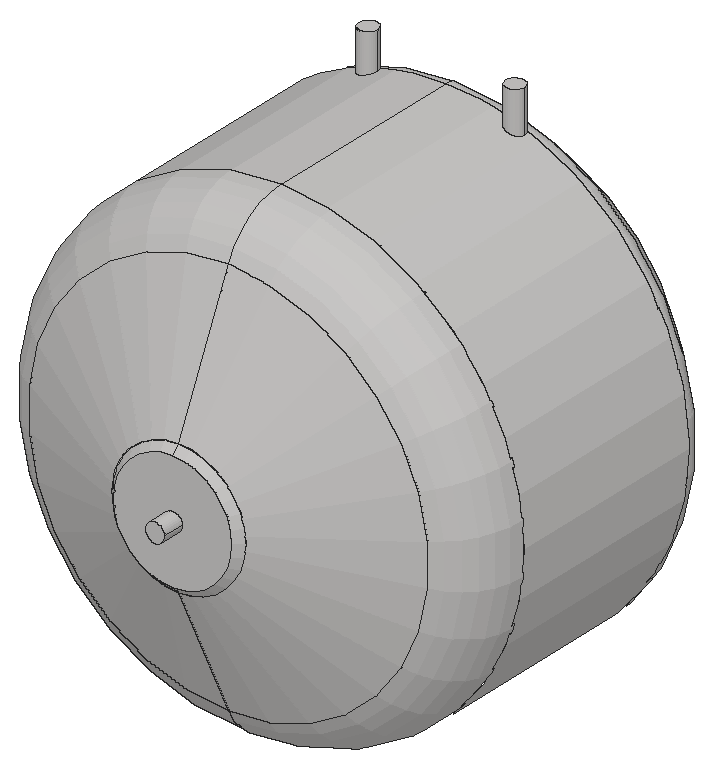
Revit family
Parameters (values of type "340 X 349 X 294")
  Heating Time (min) = "35"
  Heater Width = 330 mm
  Width = 349 mm
  URL = "http://www.kwikot.com/Products/Point%20of%20Use%20Water%20Heaters/Prisma%20Deluxe.php"
  Product Code = "PRX-10-LT-UB"
  Operating Pressure = 700 kPa
  OmniClass Title = ""
  OmniClass Number = ""
  Modspec Classification = ""
  Specification = ""
  Material = Galvanised Steel
  Mass (Kg) = "7.6"
  Location (revit room) = ""
  Model = "Prisma Storage Water Heater PRX-10-LT-UB"
  Manufacturer = "Kwikot"  # constant formula
  Length = 340 mm
  Element Rating = 1.2 kW
  Pipe Radius = Pipe Diameter / 2  # 6.35 mm
  Depth = 293.5 mm
  Pipe Diameter = 12.7 mm
  Colour = none
  Capacity (Litres) = 10.00 L
  Body Finish = none
  Assembly Code = "D3010500"
Reference planes
  plane 1 "Center (Front/Back)": y = 0
  plane 2 "Bottom": z = 0
  plane 3 "Center (Left/Right)": x = 0
  plane 4: z = 165
  plane 5: z = -165
  plane 6: x = -170
  plane 7: x = 170
  plane 8: y = 293.5
  plane 9: y = 243.5
  plane 10: z = 184
Forms (mm)
  Revolve 1, solid, material "Galvanised Steel" <- "Material"
    sketch origin (0, 0, 0) x (0, 1, 0) y (0, 0, 1)
      loop
        line (293.5, 0) -> (293.5, 120.858)
        arc (293.5, 120.858) -> (292.739, 124.685) -> (290.571, 127.929) r 10
        line (290.571, 127.929) -> (257.893, 160.607)
        arc (257.893, 160.607) -> (253.027, 163.858) -> (247.287, 165) r 15
        line (247.287, 165) -> (107.653, 165)
        arc (107.653, 165) -> (80.788, 157.17) -> (62.338, 136.131) r 50
        line (62.338, 136.131) -> (20, 45.337) -> (20, 0) -> (293.5, 0)
      axis (20, 0) -> (293.5, 0)
    angle from 0 to 360
  Blend 2, solid, material "Galvanised Steel" <- "Material"
    base sketch origin (0, 0, 0) x (1, 0, 0) y (0, 0, 1)
      loop
        circle (0, 0) r 45.337
    top sketch origin (0, 0, 0) x (1, 0, 0) y (0, 0, 1)
      loop
        circle (0, 0) r 40.337
    from -20 to -15
  Extrusion 3, solid, material "Galvanised Steel" <- "Material"
    sketch origin (-583.163, -1524, 165) x (-1, 0, 0) y (0, -1, 0)
      loop
        circle (-533.163, -1767.5) r 6.4
      loop
        circle (-633.163, -1767.5) r 6.4
    from 19 to -19
  Extrusion 4, solid, material "Galvanised Steel" <- "Material"
    sketch origin (0, 0, 0) x (1, 0, 0) y (0, 0, 1)
      loop
        circle (0, 0) r 6.35
    from 0 to -15
Cuts and joins
  joined: Revolve 1, Extrusion 3
Lines and regions (mm)
  symbolic lines
    curve 1: line (45.337, 20, -165) -> (-45.337, 20, -165)
    curve 2: line (-40.337, 15, -165) -> (40.337, 15, -165)
    curve 3: line (-6.35, 0, -165) -> (6.35, 0, -165)
    curve 4: line (-40.337, 15, -165) -> (-45.337, 20, -165)
    curve 5: line (40.337, 15, -165) -> (45.337, 20, -165)
    curve 6: line (6.35, 0, -165) -> (6.35, 15, -165)
    curve 7: line (-6.35, 0, -165) -> (-6.35, 15, -165)
    curve 8: line (-165, 107.653, -165) -> (-165, 247.287, -165)
    curve 9: line (165, 107.653, -165) -> (165, 247.287, -165)
    curve 10: line (-45.337, 20, -165) -> (-136.131, 62.338, -165)
    curve 11: arc (-136.131, 62.338, -165) -> (-157.17, 80.788, -165) -> (-165, 107.653, -165) r 50
    curve 12: line (45.337, 20, -165) -> (136.131, 62.338, -165)
    curve 13: arc (136.131, 62.338, -165) -> (157.17, 80.788, -165) -> (165, 107.653, -165) r 50
    curve 14: line (-160.607, 257.893, -165) -> (-127.929, 290.571, -165)
    curve 15: line (-120.858, 293.5, -165) -> (120.858, 293.5, -165)
    curve 16: line (127.929, 290.571, -165) -> (160.607, 257.893, -165)
    curve 17: arc (-165, 247.287, -165) -> (-163.858, 253.027, -165) -> (-160.607, 257.893, -165) r 15
    curve 18: arc (-127.929, 290.571, -165) -> (-124.685, 292.739, -165) -> (-120.858, 293.5, -165) r 10
    curve 19: arc (127.929, 290.571, -165) -> (124.685, 292.739, -165) -> (120.858, 293.5, -165) r 10
    curve 20: arc (165, 247.287, -165) -> (163.858, 253.027, -165) -> (160.607, 257.893, -165) r 15
    curve 21: arc (-56.4, 243.5, -165) -> (-50, 237.1, -165) -> (-43.6, 243.5, -165) r 6.4
    curve 22: arc (-43.6, 243.5, -165) -> (-50, 249.9, -165) -> (-56.4, 243.5, -165) r 6.4
    curve 23: arc (43.6, 243.5, -165) -> (50, 237.1, -165) -> (56.4, 243.5, -165) r 6.4
    curve 24: arc (56.4, 243.5, -165) -> (50, 249.9, -165) -> (43.6, 243.5, -165) r 6.4
Dimensions and locks
  "Heater Width": plane 4 to plane 5
  "Length": plane 6 to plane 7
  equal spacing: plane 6, plane 3 "Center (Left/Right)", plane 7
  equal spacing: plane 4, level, plane 5
  Revolve 1 sketch curve to plane 1 "Center (Front/Back)" = 20 mm
  "Depth": plane 8 to plane 1 "Center (Front/Back)"
  Extrusion 3 sketch curve to plane 3 "Center (Left/Right)" = 50 mm
  plane 3 "Center (Left/Right)" to Extrusion 3 sketch curve = 50 mm
  equal spacing: curve 8, plane 3 "Center (Left/Right)", curve 9
  "Heater Width": curve 8 to curve 9
  plane 9 to plane 8 = 50 mm
  "Width": plane 10 to plane 5
  "Pipe Radius": radius of Extrusion 4 sketch curve
  aligned and locked: plane 2 "Bottom" to level
  aligned and locked: plane 2 "Bottom" to Revolve 1 sketch curve
  aligned and locked: Revolve 1 sketch curve to plane 4
  aligned and locked: plane 8 to Revolve 1 sketch curve
  aligned and locked: Revolve 1 sketch curve to plane 2 "Bottom"
  aligned and locked: Blend 2 sketch curve to Revolve 1  (x2)
  aligned and locked: Blend 2 to Revolve 1
  aligned and locked: plane 9 to Extrusion 3 sketch curve  (x2)
  aligned and locked: plane 3 "Center (Left/Right)" to Extrusion 4 sketch curve
  aligned and locked: plane 2 "Bottom" to Extrusion 4 sketch curve
  aligned and locked: plane 1 "Center (Front/Back)" to Extrusion 4
  aligned and locked: Extrusion 4 to Blend 2
  aligned and locked: curve 1 to Blend 2
  aligned and locked: curve 2 to Blend 2
  aligned and locked: curve 3 to Extrusion 4
  aligned and locked: plane 10 to Extrusion 3
  aligned and locked: curve 21 to cut or joined group of Revolve 1, Extrusion 3
  aligned and locked: curve 22 to cut or joined group of Revolve 1, Extrusion 3
  aligned and locked: curve 23 to cut or joined group of Revolve 1, Extrusion 3
  aligned and locked: curve 24 to cut or joined group of Revolve 1, Extrusion 3
Automatic sketch dimensions
  plane 8 to Revolve 1 sketch curve = 2.929 mm
  Revolve 1 sketch curve to Revolve 1 sketch curve = 10 mm
  Revolve 1 sketch curve to plane 4 = 4.393 mm
  plane 8 to Revolve 1 sketch curve = 35.607 mm
  Revolve 1 sketch curve to Revolve 1 sketch curve = 10.607 mm
  Revolve 1 sketch curve to plane 1 "Center (Front/Back)" = 107.653 mm
  Revolve 1 sketch curve to plane 4 = 28.869 mm
  Revolve 1 sketch curve to Revolve 1 sketch curve = 45.315 mm
  plane 1 "Center (Front/Back)" to Revolve 1 sketch curve = 80 mm
  Revolve 1 sketch curve to Revolve 1 sketch curve = 86.5 mm
  level to Revolve 1 sketch curve = 45.337 mm
  Revolve 1 sketch curve to plane 4 = 44.142 mm
  Blend 2 sketch curve to Blend 2 sketch curve = 0 mm  (x2)
  Blend 2 sketch curve to plane 3 "Center (Left/Right)" = 0 mm
  Blend 2 sketch curve to level = 0 mm
  Blend 2 sketch curve to level = 40.337 mm
  plane 8 to curve 19 = 0 mm
  plane 1 "Center (Front/Back)" to curve 3 = 0 mm
  plane 7 to curve 20 = 9.393 mm
  curve 20 to curve 20 = 10.607 mm
  plane 7 to curve 12 = 33.869 mm
  plane 8 to curve 19 = 2.929 mm
  plane 7 to curve 19 = 42.071 mm
  plane 8 to curve 19 = 10 mm
  curve 9 to curve 13 = 50 mm
  plane 3 "Center (Left/Right)" to curve 5 = 45.337 mm
  curve 1 to curve 2 = 5 mm
  plane 3 "Center (Left/Right)" to curve 3 = 6.35 mm
  curve 7 to plane 3 "Center (Left/Right)" = 6.35 mm
  curve 7 to curve 4 = 33.987 mm
  curve 2 to curve 1 = 5 mm
  curve 11 to curve 8 = 50 mm
  curve 15 to plane 6 = 49.142 mm
  plane 8 to curve 14 = 2.929 mm
  curve 15 to curve 14 = 7.071 mm
  curve 10 to plane 6 = 33.869 mm
  curve 17 to curve 17 = 15 mm
  curve 14 to plane 6 = 9.393 mm
  plane 8 to curve 16 = 35.607 mm
  plane 8 to curve 17 = 35.607 mm
  curve 11 to plane 1 "Center (Front/Back)" = 107.653 mm
  curve 9 to plane 1 "Center (Front/Back)" = 107.653 mm
  radius of Extrusion 3 sketch curve = 6.4 mm  (x2)
